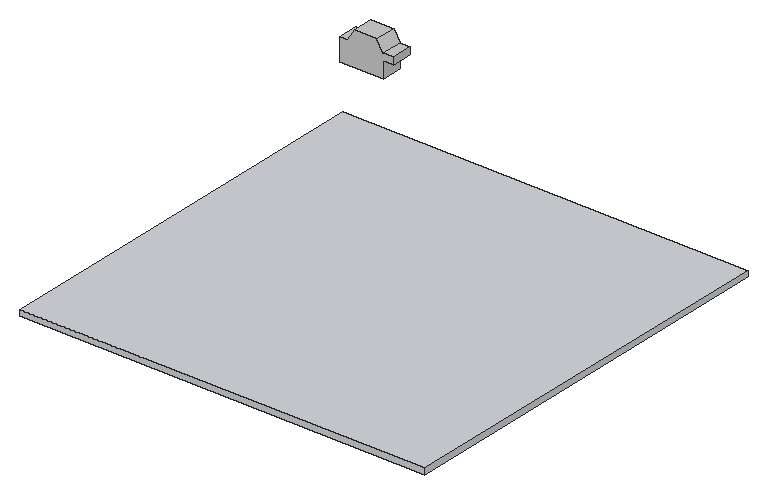
Revit family
Parameters (values of type "TCL12")
  URL = "www.lightingservicesinc.com/product.asp?productID=140"
  Type Comments = "12 AMP (1440 W)"
  Suspension Length [instance] = 1' - 6"
  Model Date = "26 March 2010"
  Model = "TCL12"
  Manufacturer = "Lighting Services Inc."
  LSI Surface Track Finish [instance] = LSI Surface Track Finish
  Keynote = "26 55 59"
  Description = "120/250V Track Current Limiter"
  Default Elevation = 4' - 0"
  Assembly Code = "D5020200"
Types (5): name | Type Comments | Suspension Length | Model | Keynote
  (no name) | "12 AMP (1440 W)" | 1' - 6" | "TCL12" | "26 55 59"
  TCL3 | "3 AMP (360 W)" | 1' - 6" | "TCL3" | "26 51 00"
  TCL5 | "5 AMP (600 W)" | 1' - 6" | "TCL5" | "26 51 00"
  TCL8 | "8 AMP (960 W)" | 0' - 0" | "TCL8" | "26 51 00"
  TCL12 | "12 AMP (1440 W)" | 1' - 6" | "TCL12" | "26 55 59"
Reference planes (in)
  plane 1 "Center (Front/Back)": y = 0
  plane 2: z = -0.0625
  plane 3 "Center (Left/Right)": x = 0
  plane 4 "Left": x = -1.90625
  plane 5 "Right": x = 1.90625
  plane 6: y = 0.90625
  plane 7: y = -0.90625
  plane 8 "Bottom of Track": z = 17.9375
  plane 9 "Top of Track": z = 16.5
Forms (in)
  Extrusion 1, solid
    sketch origin (0, 0, -0.0625) x (1, 0, 0) y (0, 1, 0)
      loop
        line (-15.84375, 16.84375) -> (-15.84375, -18.22965) -> (19.38013, -18.22965) -> (19.38013, 16.84375) -> (-15.84375, 16.84375)
    from 0 to -0.5
  Extrusion 2, solid, material "LSI Surface Track Finish"
    sketch origin (0, 0, 0.10938) x (1, 0, 0) y (0, 0, 1)
      loop
        line (-1.90625, 16.39062) -> (1.90625, 16.39062) -> (1.90625, 17.82812) -> (2.78265, 17.82812) -> (2.78265, 18.40629) -> (1.89395, 18.40629) -> (1.36624, 19.32031) -> (-0.61486, 19.32031) -> (-1.16992, 18.35893) -> (-1.90625, 18.35893) -> (-1.90625, 16.39062)
    from -0.90625 to 0.90625
Dimensions and locks (in)
  locked: plane 4 "Left" to plane 5 "Right" at 3.8125
  equal spacing: plane 4 "Left", plane 3 "Center (Left/Right)", plane 5 "Right"
  locked: plane 6 to plane 7 at 1.8125
  equal spacing: plane 6, plane 1 "Center (Front/Back)", plane 7
  locked: plane 8 "Bottom of Track" to plane 9 "Top of Track" at 1.4375
  "Suspension Length": plane 8 "Bottom of Track" to plane 2
  aligned and locked: plane 2 to Extrusion 1
  aligned and locked: level to Extrusion 1
  aligned and locked: plane 6 to Extrusion 2
  aligned and locked: Extrusion 2 to plane 7
  aligned and locked: Extrusion 2 sketch curve to plane 9 "Top of Track"
  aligned and locked: plane 8 "Bottom of Track" to Extrusion 2 sketch curve
Automatic sketch dimensions
  Extrusion 1 sketch curve to Extrusion 1 sketch curve = 2' - 11.22388"
  Extrusion 1 sketch curve to Extrusion 1 sketch curve = 2' - 11.0734"
  Extrusion 2 sketch curve to plane 4 "Left" = 0' - 0"
  Extrusion 2 sketch curve to plane 5 "Right" = 0' - 0"
  plane 8 "Bottom of Track" to Extrusion 2 sketch curve = 0' - 0.5308"
  Extrusion 2 sketch curve to Extrusion 2 sketch curve = 0' - 0.8764"
  plane 4 "Left" to Extrusion 2 sketch curve = 0' - 0.73633"
  Extrusion 2 sketch curve to plane 3 "Center (Left/Right)" = 0' - 0.61486"
  Extrusion 2 sketch curve to plane 5 "Right" = 0' - 0.54001"
  Extrusion 2 sketch curve to plane 5 "Right" = 0' - 0.0123"
  Extrusion 2 sketch curve to Extrusion 2 sketch curve = 0' - 0.57817"
  Extrusion 2 sketch curve to Extrusion 2 sketch curve = 0' - 0.91402"
Connectors (in)
  electrical at (0.70407, -0.90625, 18.17023)
    settings: on Extrusion 2, index 1
